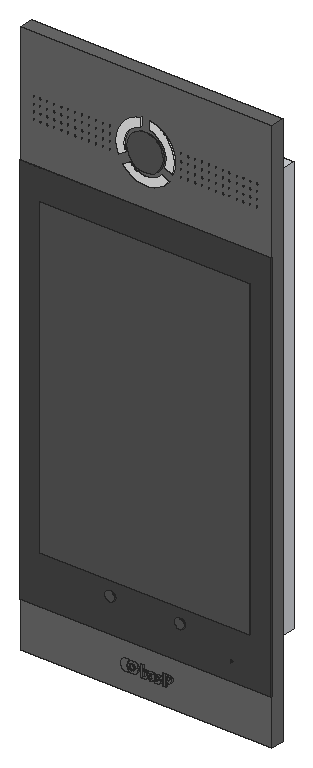
Revit family "BAS-IP_Вызывная панель_AA-14FBIS", category Устройства связи, Revit 2019
Family settings
  Сохранять ориентацию аннотаций = Нет
  Размер круглого соединителя = Использовать диаметр
  Тип детали = Нормальный
  На основе рабочей плоскости = Нет
  Всегда вертикально = Да
  При загрузке вырезать с полостями = Нет
  Общий = Нет
  Точка расчета площади = Нет
Parameters (values of type "Черный")
  Цветовое решение = "Черный"
  Цвет = Black silver 2
  Угол обзора камеры = "110° (по горизонтали)"
  УГО_Смещение_Y [instance] = 0 mm
  УГО_Смещение_X [instance] = 0 mm
  Тип установки = "Скрытого мотажа, накладной с BR-AA14"
  Тип панели = "Многоабонентская"
  Тип клавиатуры = "Сенсорная"
  Температурный режим = "-40 – +65 °С"
  Разрешение = "2 Мп"
  Размер самой панели = "180 × 400 × 45 мм"
  Размер под установку = "172 × 379 × 58 мм"
  Потребление питания = "17,8 Вт, в режиме ожидания - 3,8 Вт"
  Питание = "PoE IEEE802.3at, +12 В постоянного тока"
  Ночная подсветка = "6 светодиодов"
  Минимальная освещенность = "0,01 Люкс"
  Корпус = "Алюминий"
  Класс степени защиты = "IP65"
  Камера = "1/3”"
  Изготовитель = "BAS-IP"  # constant formula
  Зона обслуживания [instance] = no
  Дисплей = "10.1\" IPS экран с подсветкой и подогревом"
  Выходное видео = "Full HD (1920 × 1080), H.264 Main Profile"
  IK-код = "IK06"
  ADSK_Размер_Смещение от уровня [instance] = 1000 mm
  ADSK_Примечание [instance] = ""
  ADSK_Позиция [instance] = ""
  ADSK_Наименование = "Многоабонентская IP вызывная панель"
  ADSK_Материал = Black silver
  ADSK_Марка = "AA-14FBIS Black"
  ADSK_Количество = 1  # constant formula
  ADSK_Код изделия = ""
  ADSK_Завод-изготовитель = "BAS-IP"  # constant formula
  ADSK_Единица измерения = "шт."  # constant formula
Types (2, lengths in mm): name | Цветовое решение | Цвет | ADSK_Материал | ADSK_Марка
  Серебристый | "Серебристый" | Gray silver | Silver | "AA-14FBIS Silver"
  Черный | "Черный" | Black silver 2 | Black silver | "AA-14FBIS Black"
Reference planes
  plane 1 "По центру (Вперед/Назад)": y = 0
  plane 2: z = 0
  plane 3 "По центру (Влево/Вправо)": x = 0
  plane 4: z = 1000
  plane 5: z = 0
  plane 6: y = 0
  plane 7: x = 0
Forms (mm)
  Extrusion 1, solid, material "Black silver" <- "ADSK_Материал", detail levels medium+fine
    sketch origin (0, 0, 1000) x (1, 0, 0) y (0, 0, 1)
      loop
        line (-90, 0) -> (90, 0) -> (90, 400) -> (-90, 400) -> (-90, 0)
    from 0 to 10
  Extrusion 2, solid, detail levels medium+fine
    sketch origin (0, 0, 1000) x (1, 0, 0) y (0, 0, 1)
      loop
        line (-70, 350) -> (-70, 50) -> (70, 50) -> (70, 350) -> (-70, 350)
    from -35 to 0
  Extrusion 3, solid, material "Black silver 2" <- "Цвет", detail levels fine
    sketch origin (0, -7.5, 1000) x (1, 0, 0) y (0, 0, 1)
      loop
        line (-90, 315.145) -> (-90, 33.127) -> (90, 33.127) -> (90, 315.145) -> (-90, 315.145)
    from 2 to 3
  Extrusion 4, solid, material "Black", detail levels fine
    sketch origin (0, -8, 1000) x (1, 0, 0) y (0, 0, 1)
      loop
        line (-75, 293.221) -> (-75, 68.221) -> (75, 68.221) -> (75, 293.221) -> (-75, 293.221)
    from 1.5 to 3
  Extrusion 5, solid, material "Black", detail levels fine
    sketch origin (0, -8, 1000) x (1, 0, 0) y (0, 0, 1)
      loop
        circle (-25, 57.694) r 3.5
      loop
        circle (25, 57.694) r 3.5
    from 1.5 to 3
  Extrusion 6, void, detail levels fine
    sketch origin (0, -8, 1000) x (1, 0, 0) y (0, 0, 1)
      loop
        circle (62.167, 46.187) r 1
    from 0 to 2.5
  Extrusion 7, solid, material "Black", detail levels fine
    sketch origin (0, -7.5, 1216.372) x (1, 0, 0) y (0, 0, 1)
      loop
        circle (0, 135.001) r 13
    from 2 to 3
  Extrusion 8, solid, material "White", detail levels fine
    sketch origin (0, -7.5, 1216.372) x (1, 0, 0) y (0, 0, 1)
      loop
        arc (-14.192, 130.272) -> (-13.253, 142.888) -> (-3, 150.299) r 15
        line (-3, 150.299) -> (-3, 156.293)
        arc (-3, 156.293) -> (-18.287, 145.815) -> (-19.322, 127.31) r 21
        line (-19.322, 127.31) -> (-14.192, 130.272)
      loop
        line (14.192, 130.272) -> (19.322, 127.31)
        arc (19.322, 127.31) -> (18.287, 145.815) -> (3, 156.293) r 21
        line (3, 156.293) -> (3, 150.299)
        arc (3, 150.299) -> (13.253, 142.888) -> (14.192, 130.272) r 15
      loop
        line (-11.192, 125.075) -> (-16.322, 122.114)
        arc (-16.322, 122.114) -> (0.221, 113.757) -> (16.939, 121.757) r 21
        line (16.939, 121.757) -> (11.749, 124.754)
        arc (11.749, 124.754) -> (0.204, 119.58) -> (-11.192, 125.075) r 15
    from 2 to 3
  Extrusion 9, void, detail levels fine
    sketch origin (-245.846, -8, 1262.188) x (1, 0, 0) y (0, 0, 1)
      loop
        circle (200.471, 97.039) r 0.5
      loop
        circle (195.533, 97.039) r 0.5
      loop
        circle (190.283, 97.039) r 0.5
      loop
        circle (205.346, 97.039) r 0.5
      loop
        circle (210.283, 97.039) r 0.5
      loop
        circle (185.658, 97.039) r 0.5
      loop
        circle (180.471, 97.039) r 0.5
      loop
        circle (175.533, 97.039) r 0.5
      loop
        circle (170.596, 97.039) r 0.5
      loop
        circle (165.658, 97.039) r 0.5
      loop
        circle (215.283, 97.039) r 0.5
      loop
        circle (220.283, 97.039) r 0.5
      loop
        circle (200.471, 92.039) r 0.5
      loop
        circle (195.533, 92.039) r 0.5
      loop
        circle (190.283, 92.039) r 0.5
      loop
        circle (205.346, 92.039) r 0.5
      loop
        circle (210.283, 92.039) r 0.5
      loop
        circle (185.658, 92.039) r 0.5
      loop
        circle (180.471, 92.039) r 0.5
      loop
        circle (175.533, 92.039) r 0.5
      loop
        circle (170.596, 92.039) r 0.5
      loop
        circle (165.658, 92.039) r 0.5
      loop
        circle (215.283, 92.039) r 0.5
      loop
        circle (220.283, 92.039) r 0.5
      loop
        circle (200.471, 87.039) r 0.5
      loop
        circle (195.533, 87.039) r 0.5
      loop
        circle (190.283, 87.039) r 0.5
      loop
        circle (205.346, 87.039) r 0.5
      loop
        circle (210.283, 87.039) r 0.5
      loop
        circle (185.658, 87.039) r 0.5
      loop
        circle (180.471, 87.039) r 0.5
      loop
        circle (175.533, 87.039) r 0.5
      loop
        circle (170.596, 87.039) r 0.5
      loop
        circle (165.658, 87.039) r 0.5
      loop
        circle (215.283, 87.039) r 0.5
      loop
        circle (220.283, 87.039) r 0.5
      loop
        circle (200.471, 82.039) r 0.5
      loop
        circle (195.533, 82.039) r 0.5
      loop
        circle (190.283, 82.039) r 0.5
      loop
        circle (205.346, 82.039) r 0.5
      loop
        circle (210.283, 82.039) r 0.5
      loop
        circle (185.658, 82.039) r 0.5
      loop
        circle (180.471, 82.039) r 0.5
      loop
        circle (175.533, 82.039) r 0.5
      loop
        circle (170.596, 82.039) r 0.5
      loop
        circle (165.658, 82.039) r 0.5
      loop
        circle (215.283, 82.039) r 0.5
      loop
        circle (220.283, 82.039) r 0.5
      loop
        circle (291.22, 97.039) r 0.5
      loop
        circle (296.158, 97.039) r 0.5
      loop
        circle (301.408, 97.039) r 0.5
      loop
        circle (286.345, 97.039) r 0.5
      loop
        circle (281.408, 97.039) r 0.5
      loop
        circle (306.033, 97.039) r 0.5
      loop
        circle (311.22, 97.039) r 0.5
      loop
        circle (316.158, 97.039) r 0.5
      loop
        circle (321.095, 97.039) r 0.5
      loop
        circle (326.033, 97.039) r 0.5
      loop
        circle (276.408, 97.039) r 0.5
      loop
        circle (271.408, 97.039) r 0.5
      loop
        circle (291.22, 92.039) r 0.5
      loop
        circle (296.158, 92.039) r 0.5
      loop
        circle (301.408, 92.039) r 0.5
      loop
        circle (286.345, 92.039) r 0.5
      loop
        circle (281.408, 92.039) r 0.5
      loop
        circle (306.033, 92.039) r 0.5
      loop
        circle (311.22, 92.039) r 0.5
      loop
        circle (316.158, 92.039) r 0.5
      loop
        circle (321.095, 92.039) r 0.5
      loop
        circle (326.033, 92.039) r 0.5
      loop
        circle (276.408, 92.039) r 0.5
      loop
        circle (271.408, 92.039) r 0.5
      loop
        circle (291.22, 87.039) r 0.5
      loop
        circle (296.158, 87.039) r 0.5
      loop
        circle (301.408, 87.039) r 0.5
      loop
        circle (286.345, 87.039) r 0.5
      loop
        circle (281.408, 87.039) r 0.5
      loop
        circle (306.033, 87.039) r 0.5
      loop
        circle (311.22, 87.039) r 0.5
      loop
        circle (316.158, 87.039) r 0.5
      loop
        circle (321.095, 87.039) r 0.5
      loop
        circle (326.033, 87.039) r 0.5
      loop
        circle (276.408, 87.039) r 0.5
      loop
        circle (271.408, 87.039) r 0.5
      loop
        circle (291.22, 82.039) r 0.5
      loop
        circle (296.158, 82.039) r 0.5
      loop
        circle (301.408, 82.039) r 0.5
      loop
        circle (286.345, 82.039) r 0.5
      loop
        circle (281.408, 82.039) r 0.5
      loop
        circle (306.033, 82.039) r 0.5
      loop
        circle (311.22, 82.039) r 0.5
      loop
        circle (316.158, 82.039) r 0.5
      loop
        circle (321.095, 82.039) r 0.5
      loop
        circle (326.033, 82.039) r 0.5
      loop
        circle (276.408, 82.039) r 0.5
      loop
        circle (271.408, 82.039) r 0.5
    from 1 to 2
  Extrusion 10, solid, material "Black silver" <- "ADSK_Материал", not visible, detail levels medium+fine
    sketch origin (0, 0, 0) x (1, 0, 0) y (0, 0, 1)
      loop
        line (-90, 0) -> (90, 0) -> (90, 400) -> (-90, 400) -> (-90, 0)
    from 0 to 10
  Extrusion 11, solid, not visible, detail levels medium+fine
    sketch origin (0, 0, 0) x (1, 0, 0) y (0, 0, 1)
      loop
        line (-70, 350) -> (-70, 50) -> (70, 50) -> (70, 350) -> (-70, 350)
    from -35 to 0
  Extrusion 12, solid, material "Black silver 2" <- "Цвет", not visible, detail levels fine
    sketch origin (0, -7.5, 0) x (1, 0, 0) y (0, 0, 1)
      loop
        line (-90, 315.145) -> (-90, 33.127) -> (90, 33.127) -> (90, 315.145) -> (-90, 315.145)
    from 2 to 3
  Extrusion 13, solid, material "Black", not visible, detail levels fine
    sketch origin (0, -8, 0) x (1, 0, 0) y (0, 0, 1)
      loop
        line (-75, 293.221) -> (-75, 68.221) -> (75, 68.221) -> (75, 293.221) -> (-75, 293.221)
    from 1.5 to 3
  Extrusion 14, solid, material "Black", not visible, detail levels fine
    sketch origin (0, -8, 0) x (1, 0, 0) y (0, 0, 1)
      loop
        circle (-25, 57.694) r 3.5
      loop
        circle (25, 57.694) r 3.5
    from 1.5 to 3
  Extrusion 15, void, not visible, detail levels fine
    sketch origin (0, -8, 0) x (1, 0, 0) y (0, 0, 1)
      loop
        circle (62.167, 46.187) r 1
    from 0 to 2.5
  Extrusion 16, solid, material "Black", not visible, detail levels fine
    sketch origin (0, -7.5, 216.372) x (1, 0, 0) y (0, 0, 1)
      loop
        circle (0, 135.001) r 13
    from 2 to 3
  Extrusion 17, solid, material "White", not visible, detail levels fine
    sketch origin (0, -7.5, 216.372) x (1, 0, 0) y (0, 0, 1)
      loop
        arc (-14.192, 130.272) -> (-13.253, 142.888) -> (-3, 150.299) r 15
        line (-3, 150.299) -> (-3, 156.293)
        arc (-3, 156.293) -> (-18.287, 145.815) -> (-19.322, 127.31) r 21
        line (-19.322, 127.31) -> (-14.192, 130.272)
      loop
        line (14.192, 130.272) -> (19.322, 127.31)
        arc (19.322, 127.31) -> (18.287, 145.815) -> (3, 156.293) r 21
        line (3, 156.293) -> (3, 150.299)
        arc (3, 150.299) -> (13.253, 142.888) -> (14.192, 130.272) r 15
      loop
        line (-11.192, 125.075) -> (-16.322, 122.114)
        arc (-16.322, 122.114) -> (0.221, 113.757) -> (16.939, 121.757) r 21
        line (16.939, 121.757) -> (11.749, 124.754)
        arc (11.749, 124.754) -> (0.204, 119.58) -> (-11.192, 125.075) r 15
    from 2 to 3
  Extrusion 18, void, not visible, detail levels fine
    sketch origin (-245.846, -8, 262.188) x (1, 0, 0) y (0, 0, 1)
      loop
        circle (200.471, 97.039) r 0.5
      loop
        circle (195.533, 97.039) r 0.5
      loop
        circle (190.283, 97.039) r 0.5
      loop
        circle (205.346, 97.039) r 0.5
      loop
        circle (210.283, 97.039) r 0.5
      loop
        circle (185.658, 97.039) r 0.5
      loop
        circle (180.471, 97.039) r 0.5
      loop
        circle (175.533, 97.039) r 0.5
      loop
        circle (170.596, 97.039) r 0.5
      loop
        circle (165.658, 97.039) r 0.5
      loop
        circle (215.283, 97.039) r 0.5
      loop
        circle (220.283, 97.039) r 0.5
      loop
        circle (200.471, 92.039) r 0.5
      loop
        circle (195.533, 92.039) r 0.5
      loop
        circle (190.283, 92.039) r 0.5
      loop
        circle (205.346, 92.039) r 0.5
      loop
        circle (210.283, 92.039) r 0.5
      loop
        circle (185.658, 92.039) r 0.5
      loop
        circle (180.471, 92.039) r 0.5
      loop
        circle (175.533, 92.039) r 0.5
      loop
        circle (170.596, 92.039) r 0.5
      loop
        circle (165.658, 92.039) r 0.5
      loop
        circle (215.283, 92.039) r 0.5
      loop
        circle (220.283, 92.039) r 0.5
      loop
        circle (200.471, 87.039) r 0.5
      loop
        circle (195.533, 87.039) r 0.5
      loop
        circle (190.283, 87.039) r 0.5
      loop
        circle (205.346, 87.039) r 0.5
      loop
        circle (210.283, 87.039) r 0.5
      loop
        circle (185.658, 87.039) r 0.5
      loop
        circle (180.471, 87.039) r 0.5
      loop
        circle (175.533, 87.039) r 0.5
      loop
        circle (170.596, 87.039) r 0.5
      loop
        circle (165.658, 87.039) r 0.5
      loop
        circle (215.283, 87.039) r 0.5
      loop
        circle (220.283, 87.039) r 0.5
      loop
        circle (200.471, 82.039) r 0.5
      loop
        circle (195.533, 82.039) r 0.5
      loop
        circle (190.283, 82.039) r 0.5
      loop
        circle (205.346, 82.039) r 0.5
      loop
        circle (210.283, 82.039) r 0.5
      loop
        circle (185.658, 82.039) r 0.5
      loop
        circle (180.471, 82.039) r 0.5
      loop
        circle (175.533, 82.039) r 0.5
      loop
        circle (170.596, 82.039) r 0.5
      loop
        circle (165.658, 82.039) r 0.5
      loop
        circle (215.283, 82.039) r 0.5
      loop
        circle (220.283, 82.039) r 0.5
      loop
        circle (291.22, 97.039) r 0.5
      loop
        circle (296.158, 97.039) r 0.5
      loop
        circle (301.408, 97.039) r 0.5
      loop
        circle (286.345, 97.039) r 0.5
      loop
        circle (281.408, 97.039) r 0.5
      loop
        circle (306.033, 97.039) r 0.5
      loop
        circle (311.22, 97.039) r 0.5
      loop
        circle (316.158, 97.039) r 0.5
      loop
        circle (321.095, 97.039) r 0.5
      loop
        circle (326.033, 97.039) r 0.5
      loop
        circle (276.408, 97.039) r 0.5
      loop
        circle (271.408, 97.039) r 0.5
      loop
        circle (291.22, 92.039) r 0.5
      loop
        circle (296.158, 92.039) r 0.5
      loop
        circle (301.408, 92.039) r 0.5
      loop
        circle (286.345, 92.039) r 0.5
      loop
        circle (281.408, 92.039) r 0.5
      loop
        circle (306.033, 92.039) r 0.5
      loop
        circle (311.22, 92.039) r 0.5
      loop
        circle (316.158, 92.039) r 0.5
      loop
        circle (321.095, 92.039) r 0.5
      loop
        circle (326.033, 92.039) r 0.5
      loop
        circle (276.408, 92.039) r 0.5
      loop
        circle (271.408, 92.039) r 0.5
      loop
        circle (291.22, 87.039) r 0.5
      loop
        circle (296.158, 87.039) r 0.5
      loop
        circle (301.408, 87.039) r 0.5
      loop
        circle (286.345, 87.039) r 0.5
      loop
        circle (281.408, 87.039) r 0.5
      loop
        circle (306.033, 87.039) r 0.5
      loop
        circle (311.22, 87.039) r 0.5
      loop
        circle (316.158, 87.039) r 0.5
      loop
        circle (321.095, 87.039) r 0.5
      loop
        circle (326.033, 87.039) r 0.5
      loop
        circle (276.408, 87.039) r 0.5
      loop
        circle (271.408, 87.039) r 0.5
      loop
        circle (291.22, 82.039) r 0.5
      loop
        circle (296.158, 82.039) r 0.5
      loop
        circle (301.408, 82.039) r 0.5
      loop
        circle (286.345, 82.039) r 0.5
      loop
        circle (281.408, 82.039) r 0.5
      loop
        circle (306.033, 82.039) r 0.5
      loop
        circle (311.22, 82.039) r 0.5
      loop
        circle (316.158, 82.039) r 0.5
      loop
        circle (321.095, 82.039) r 0.5
      loop
        circle (326.033, 82.039) r 0.5
      loop
        circle (276.408, 82.039) r 0.5
      loop
        circle (271.408, 82.039) r 0.5
    from 1 to 2
Cuts and joins
  Extrusion 6, Extrusion 9 cuts Extrusion 1
  Extrusion 6 cuts Extrusion 3
Dimensions and locks
  "ADSK_Размер_Смещение от уровня": plane 4 to plane 2
  "УГО_Смещение_X": plane 3 "По центру (Влево/Вправо)" to plane 7
  "УГО_Смещение_Y": plane 6 to plane 1 "По центру (Вперед/Назад)"
  aligned and locked: level to plane 2
  aligned and locked: cut or joined group of Extrusion 1, Extrusion 6, Extrusion 9 to plane 4
  aligned and locked: nested 5 to plane 6
  aligned and locked: plane 7 to nested 5
Automatic sketch dimensions
  Extrusion 2 sketch curve to Extrusion 2 sketch curve = 300 mm
  Extrusion 3 sketch curve to Extrusion 3 sketch curve = 282.018 mm
  Extrusion 4 sketch curve to Extrusion 4 sketch curve = 225 mm
  Extrusion 5 sketch curve to Extrusion 5 sketch curve = 0 mm
  Extrusion 8 sketch curve to Extrusion 8 sketch curve = 3 mm
  Extrusion 8 sketch curve to Extrusion 8 sketch curve = 5.13 mm  (x3)
  Extrusion 8 sketch curve to Extrusion 8 sketch curve = 0.032 mm
  Extrusion 8 sketch curve to Extrusion 8 sketch curve = 2.443 mm
  Extrusion 8 sketch curve to Extrusion 8 sketch curve = 5.191 mm
  Extrusion 8 sketch curve to Extrusion 8 sketch curve = 0.356 mm
  Extrusion 8 sketch curve to Extrusion 8 sketch curve = 2.997 mm
  Extrusion 8 sketch curve to Extrusion 8 sketch curve = 2.962 mm  (x3)
  Extrusion 8 sketch curve to Extrusion 8 sketch curve = 5.196 mm
  Extrusion 8 sketch curve to Extrusion 8 sketch curve = 5.553 mm
  Extrusion 8 sketch curve to Extrusion 8 sketch curve = 0.754 mm
  Extrusion 8 sketch curve to Extrusion 8 sketch curve = 0 mm
  Extrusion 8 sketch curve to Extrusion 8 sketch curve = 0.061 mm  (x2)
  Extrusion 9 sketch curve to Extrusion 9 sketch curve = 0 mm  (x95)
  Extrusion 9 sketch curve to Extrusion 9 sketch curve = 4.937 mm  (x40)
  Extrusion 9 sketch curve to Extrusion 9 sketch curve = 5.188 mm  (x3)
  Extrusion 9 sketch curve to Extrusion 9 sketch curve = 4.625 mm  (x8)
  Extrusion 9 sketch curve to Extrusion 9 sketch curve = 5.25 mm  (x3)
  Extrusion 9 sketch curve to Extrusion 9 sketch curve = 4.875 mm  (x8)
  Extrusion 9 sketch curve to Extrusion 9 sketch curve = 5 mm  (x32)
  Extrusion 1 sketch curve to Extrusion 1 sketch curve = 180 mm
  Extrusion 1 sketch curve to Extrusion 1 sketch curve = 400 mm
  Extrusion 2 sketch curve to Extrusion 2 sketch curve = 140 mm
  Extrusion 3 sketch curve to Extrusion 3 sketch curve = 180 mm
  Extrusion 4 sketch curve to Extrusion 4 sketch curve = 150 mm
  Extrusion 5 sketch curve to Extrusion 5 sketch curve = 50 mm
  Extrusion 8 sketch curve to Extrusion 8 sketch curve = 11.192 mm
  Extrusion 8 sketch curve to Extrusion 8 sketch curve = 14.033 mm
  Extrusion 8 sketch curve to Extrusion 8 sketch curve = 0.148 mm  (x2)
  Extrusion 8 sketch curve to Extrusion 8 sketch curve = 0.021 mm
  Extrusion 8 sketch curve to Extrusion 8 sketch curve = 0.403 mm
  Extrusion 8 sketch curve to Extrusion 8 sketch curve = 6 mm
  Extrusion 8 sketch curve to Extrusion 8 sketch curve = 11.335 mm
  Extrusion 9 sketch curve to Extrusion 9 sketch curve = 51.124 mm
  Extrusion 11 sketch curve to Extrusion 11 sketch curve = 300 mm
  Extrusion 12 sketch curve to Extrusion 12 sketch curve = 282.018 mm
  Extrusion 13 sketch curve to Extrusion 13 sketch curve = 225 mm
  Extrusion 14 sketch curve to Extrusion 14 sketch curve = 0 mm
  Extrusion 17 sketch curve to Extrusion 17 sketch curve = 3 mm
  Extrusion 17 sketch curve to Extrusion 17 sketch curve = 5.13 mm  (x3)
  Extrusion 17 sketch curve to Extrusion 17 sketch curve = 0.032 mm
  Extrusion 17 sketch curve to Extrusion 17 sketch curve = 2.443 mm
  Extrusion 17 sketch curve to Extrusion 17 sketch curve = 5.191 mm
  Extrusion 17 sketch curve to Extrusion 17 sketch curve = 0.356 mm
  Extrusion 17 sketch curve to Extrusion 17 sketch curve = 2.997 mm
  Extrusion 17 sketch curve to Extrusion 17 sketch curve = 2.962 mm  (x3)
  Extrusion 17 sketch curve to Extrusion 17 sketch curve = 5.196 mm
  Extrusion 17 sketch curve to Extrusion 17 sketch curve = 5.553 mm
  Extrusion 17 sketch curve to Extrusion 17 sketch curve = 0.754 mm
  Extrusion 17 sketch curve to Extrusion 17 sketch curve = 0 mm
  Extrusion 17 sketch curve to Extrusion 17 sketch curve = 0.061 mm  (x2)
  Extrusion 18 sketch curve to Extrusion 18 sketch curve = 0 mm  (x95)
  Extrusion 18 sketch curve to Extrusion 18 sketch curve = 4.937 mm  (x40)
  Extrusion 18 sketch curve to Extrusion 18 sketch curve = 5.188 mm  (x3)
  Extrusion 18 sketch curve to Extrusion 18 sketch curve = 4.625 mm  (x8)
  Extrusion 18 sketch curve to Extrusion 18 sketch curve = 5.25 mm  (x3)
  Extrusion 18 sketch curve to Extrusion 18 sketch curve = 4.875 mm  (x8)
  Extrusion 18 sketch curve to Extrusion 18 sketch curve = 5 mm  (x32)
  Extrusion 10 sketch curve to Extrusion 10 sketch curve = 180 mm
  Extrusion 10 sketch curve to Extrusion 10 sketch curve = 400 mm
  Extrusion 11 sketch curve to Extrusion 11 sketch curve = 140 mm
  Extrusion 12 sketch curve to Extrusion 12 sketch curve = 180 mm
  Extrusion 13 sketch curve to Extrusion 13 sketch curve = 150 mm
  Extrusion 14 sketch curve to Extrusion 14 sketch curve = 50 mm
  Extrusion 17 sketch curve to Extrusion 17 sketch curve = 11.192 mm
  Extrusion 17 sketch curve to Extrusion 17 sketch curve = 14.033 mm
  Extrusion 17 sketch curve to Extrusion 17 sketch curve = 0.148 mm  (x2)
  Extrusion 17 sketch curve to Extrusion 17 sketch curve = 0.021 mm
  Extrusion 17 sketch curve to Extrusion 17 sketch curve = 0.403 mm
  Extrusion 17 sketch curve to Extrusion 17 sketch curve = 6 mm
  Extrusion 17 sketch curve to Extrusion 17 sketch curve = 11.335 mm
  Extrusion 18 sketch curve to Extrusion 18 sketch curve = 51.124 mm
  radius of Extrusion 5 sketch curve = 3.5 mm  (x2)
  radius of Extrusion 6 sketch curve = 1 mm
  radius of Extrusion 7 sketch curve = 13 mm
  radius of Extrusion 9 sketch curve = 0.5 mm  (x96)
  radius of Extrusion 14 sketch curve = 3.5 mm  (x2)
  radius of Extrusion 15 sketch curve = 1 mm
  radius of Extrusion 16 sketch curve = 13 mm
  radius of Extrusion 18 sketch curve = 0.5 mm  (x96)
Nested families
  nested 1: "BAS-IP_Logo_M" at (1.25, -9.5, 1009.912), Материал <- "ADSK_Материал", type "BAS-IP_Logo_M", detail levels fine
    with Материал Black silver
  nested 2: "Зона обслуживания" at (0, 0, 950), visible <- "Зона обслуживания", type "Зона обслуживания", detail levels fine
    with ADSK_Размер_Ширина 280 mm, ADSK_Размер_Высота 500 mm
  nested 3: "BAS-IP_Logo_M" at (1.25, -9.5, 9.912), Материал <- "ADSK_Материал", type "BAS-IP_Logo_M", not visible, detail levels fine
    with Материал Black silver
  nested 4: "Зона обслуживания" at (0, 0, -50), visible <- "Зона обслуживания", type "Зона обслуживания", not visible, detail levels fine
    with ADSK_Размер_Ширина 280 mm, ADSK_Размер_Высота 500 mm
  nested 5: "УГО_Вызывная панель" at (0, 0, 0), type "УГО_Вызывная панель", detail levels coarse+medium
Connectors
  electrical at (0, 17.5, 1050)
    settings: on Extrusion 2, index 1, voltage 0 V, apparent load 0 VA, apparent load phase1 0 VA, apparent load phase2 0 VA, apparent load phase3 0 VA, power factor 1, load classification "Прочее", number of poles 1, system type 12, power factor state 1, is connector primary yes, connector utility no, sub classification motor no, connector description ""
Definition of nested family "BAS-IP_Logo_M"
  Parameters (values of type "BAS-IP_Logo_M")
    Материал [instance] = none
  Reference planes
    plane 1 "По центру (Вперед/Назад)": y = 0
    plane 2: z = 0
    plane 3 "По центру (Влево/Вправо)": x = 0
  Forms (mm)
    Extrusion 1, solid, material <- "Материал"
      sketch origin (0, 0, 0) x (1, 0, 0) y (0, 0, 1)
        loop
          circle (-10.243, 7.572) r 4
        loop
          circle (-10.243, 7.572) r 2.5
        loop
          circle (-10.243, 7.572) r 1.243
        loop
          line (-4.278, 11.609) -> (-4.278, 3.732)
          arc (-4.278, 3.732) -> (-2.247, 3.328) -> (-0.257, 3.903) r 4.38
          arc (-0.257, 3.903) -> (0.741, 6.101) -> (0.156, 8.443) r 3.668
          arc (0.156, 8.443) -> (-1.569, 9.278) -> (-3.12, 8.15) r 1.865
          line (-3.12, 8.15) -> (-3.12, 11.609) -> (-4.278, 11.609)
        loop
          line (4.381, 6.953) -> (2.708, 6.953)
          arc (2.708, 6.953) -> (1.143, 5.381) -> (2.193, 3.427) r 1.862
          line (2.193, 3.427) -> (5.385, 3.427)
          spline (5.385, 3.427) -> (5.486, 5.401) -> (5.48, 6.79) -> (5.388, 7.706) -> (5.23, 8.264) -> (5.026, 8.577) -> (4.796, 8.758) -> (4.549, 8.897) -> (4.259, 9.009) -> (3.891, 9.099) -> (3.39, 9.158) -> (2.65, 9.166) -> (1.566, 9.098)
          line (1.566, 9.098) -> (1.566, 8.205) -> (3.504, 8.205)
          arc (3.504, 8.205) -> (4.308, 7.835) -> (4.381, 6.953) r 0.878
        loop
          line (4.435, 6.281) -> (2.787, 6.281)
          arc (2.787, 6.281) -> (2.181, 5.255) -> (2.787, 4.229) r 1.171
          line (2.787, 4.229) -> (4.435, 4.229) -> (4.435, 6.281)
        loop
          line (-3.12, 7.277) -> (-3.12, 4.229)
          spline (-3.12, 4.229) -> (-1.778, 4.351) -> (-1.027, 4.671) -> (-0.608, 5.124) -> (-0.387, 5.678) -> (-0.289, 6.314) -> (-0.287, 6.974) -> (-0.427, 7.548) -> (-0.729, 7.952) -> (-1.126, 8.215) -> (-1.608, 8.34) -> (-2.312, 8.201) -> (-3.12, 7.277)
        loop
          spline (9.581, 9.006) -> (7.442, 9.112) -> (6.715, 8.885) -> (6.189, 8.423) -> (5.956, 7.76) -> (6.101, 7.123) -> (6.592, 6.658) -> (7.485, 6.226) -> (8.365, 5.733) -> (8.728, 5.173) -> (8.637, 4.701) -> (7.962, 4.38) -> (5.949, 4.472)
          line (5.949, 4.472) -> (5.865, 3.511)
          spline (5.865, 3.511) -> (7.993, 3.471) -> (9.031, 3.799) -> (9.606, 4.389) -> (9.789, 5.108) -> (9.608, 5.795) -> (9.176, 6.297) -> (8.515, 6.666) -> (7.712, 7.034) -> (7.093, 7.494) -> (7.013, 7.974) -> (7.796, 8.265) -> (9.507, 8.157)
          line (9.507, 8.157) -> (9.581, 9.006)
        loop
          line (11.296, 11.417) -> (11.296, 3.427) -> (12.325, 3.427) -> (12.325, 11.417) -> (11.296, 11.417)
        loop
          line (13.064, 11.417) -> (13.064, 3.427) -> (14.049, 3.427) -> (14.049, 6.359) -> (15.37, 6.359)
          arc (15.37, 6.359) -> (17.899, 8.888) -> (15.37, 11.417) r 2.529
          line (15.37, 11.417) -> (13.064, 11.417)
        loop
          line (14.049, 7.221) -> (15.318, 7.221)
          arc (15.318, 7.221) -> (16.739, 8.701) -> (15.638, 10.433) r 1.661
          line (15.638, 10.433) -> (14.049, 10.433) -> (14.049, 7.221)
      from 0 to 1
    Extrusion 2, solid, material <- "Материал"
      sketch origin (0, 0, 0) x (1, 0, 0) y (0, 0, 1)
        loop
          arc (-12.57, 10.825) -> (-18.868, 7.551) -> (-12.57, 4.276) r 4
          arc (-12.57, 4.276) -> (-14.235, 7.551) -> (-12.57, 10.825) r 4.053
      from 0 to 1
  Dimensions and locks
    aligned and locked: level to plane 2
Definition of nested family "Зона обслуживания"
  Parameters (values of type "Семейство1")
    Зона обслуживания = none
    ADSK_Размер_Ширина = 200 mm
    ADSK_Размер_Глубина = 120 mm
    ADSK_Размер_Высота = 250 mm
  Reference planes
    plane 1 "По центру (Вперед/Назад)": y = 0
    plane 2: z = 0
    plane 3 "По центру (Влево/Вправо)": x = 0
  Forms (mm)
    Extrusion 1, solid, material <- "Зона обслуживания"
      sketch origin (0, 0, 0) x (1, 0, 0) y (0, 1, 0)
        loop
          line (-100, 0) -> (-100, -120) -> (100, -120) -> (100, 0) -> (-100, 0)
      from 0 to 250 <- "ADSK_Размер_Высота"
  Dimensions and locks
    "ADSK_Размер_Глубина": Extrusion 1 sketch curve to plane 1 "По центру (Вперед/Назад)"
    equal spacing: Extrusion 1 sketch curve, plane 3 "По центру (Влево/Вправо)", Extrusion 1 sketch curve
    "ADSK_Размер_Ширина": Extrusion 1 sketch curve to Extrusion 1 sketch curve
    aligned and locked: level to plane 2
  Automatic sketch dimensions
    plane 1 "По центру (Вперед/Назад)" to Extrusion 1 sketch curve = 0 mm
Definition of nested family "УГО_Вызывная панель"
  Reference planes
    plane 1: y = 0
    plane 2: x = 0
  Lines and regions (mm)
    detail lines
      curve 1: line (-2, 0, 0) -> (2, 0, 0)
      curve 2: line (-2.5, -6.5, 0) -> (-2.5, -0.5, 0)
      curve 3: line (2, -7, 0) -> (-2, -7, 0)
      curve 4: line (2.5, -0.5, 0) -> (2.5, -6.5, 0)
      curve 5: arc (2, 0, 0) -> (2.354, -0.146, 0) -> (2.5, -0.5, 0) r 0.5
      curve 6: arc (-2.5, -0.5, 0) -> (-2.354, -0.146, 0) -> (-2, 0, 0) r 0.5
      curve 7: arc (-2, -7, 0) -> (-2.354, -6.854, 0) -> (-2.5, -6.5, 0) r 0.5
      curve 8: arc (2.5, -6.5, 0) -> (2.354, -6.854, 0) -> (2, -7, 0) r 0.5
      curve 9: line (-1.5, -3.39, 0) -> (1.5, -3.39, 0)
      curve 10: line (-1.5, -5.79, 0) -> (-1.5, -3.39, 0)
      curve 11: line (1.5, -5.19, 0) -> (-1.5, -5.19, 0)
      curve 12: line (1.5, -3.39, 0) -> (1.5, -5.79, 0)
      curve 13: circle (0, -1.5, 0) r 0.6 normal (0, 0, 1)
      curve 14: line (-1.5, -3.99, 0) -> (1.5, -3.99, 0)
      curve 15: line (-1.5, -4.59, 0) -> (1.5, -4.59, 0)
      curve 16: line (-0.5, -5.79, 0) -> (-0.5, -3.39, 0)
      curve 17: line (0.5, -5.79, 0) -> (0.5, -3.39, 0)
      curve 18: line (1.5, -5.79, 0) -> (-1.5, -5.79, 0)
